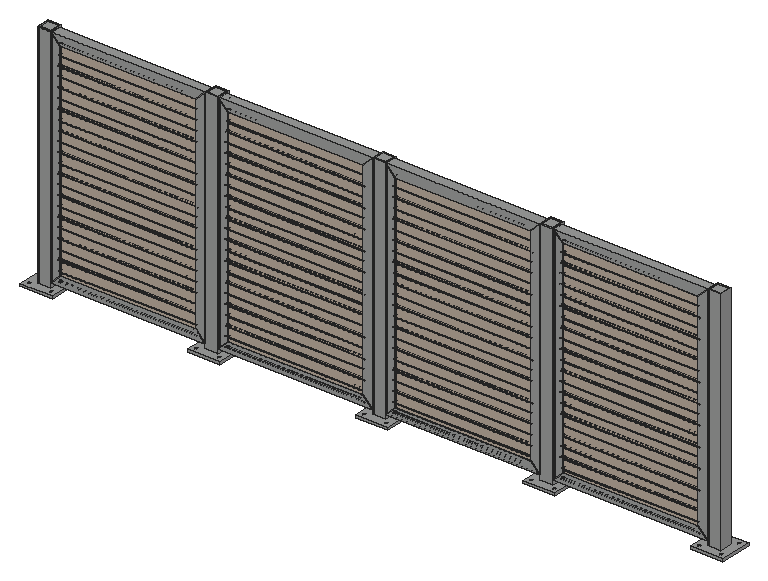
Revit family "Augustus-Vinyl-Array", category Specialty Equipment, Revit 2026 (continued)
Definition of nested family "(Do_Not_Use-Nested)-Flat_Bar_Infill Retainer-Augustus-Aluminum"
  Forms (in)
    Sweep 2, solid, material <- "Material"
      path origin (0, 0, 0) x (0, 1, 0) y (0, 0, 1)
        loop
          line (0, -0.72445) -> (0, 52.86713)
      profile "Profile-Palmshield-Flat Bar Infill Retainer : 2" x 1/4"" origin (0, 0, 26.07134) x (0, -1, 0) y (1, 0, 0)
        loop
          line (-0.25, -1) -> (0, -1) -> (0, 1) -> (-0.25, 1) -> (-0.25, -1)
    Extrusion 3, void
      sketch origin (0, 0, 0) x (1, 0, 0) y (0, 0, 1)
        loop
          line (1, 0) -> (-20.33743, 0) -> (-20.33743, -5) -> (1, -5) -> (1, 0)
      from -4.89794 to 5.53781
    Extrusion 4, void
      sketch origin (0, 0, 0) x (-1, 0, 0) y (0, 0, -1)
        loop
          line (1, 0) -> (1, 5) -> (-20.33743, 5) -> (-20.33743, -9.9498) -> (1, 0)
      from -9.92538 to 12
  Cuts and joins
    Extrusion 3, Extrusion 4 cuts Sweep 2
  Dimensions and locks (in)
    "Length": plane 4 to plane 2
    equal spacing: plane 5, plane 3 "Center (Left/Right)", plane 6
    "Width": plane 5 to plane 6
    locked: Extrusion 1 to Sweep 2 sketch curve at 0.72445
    "C Angle A": angle Extrusion 3 sketch curve to plane 2
    "C Angle B": angle plane 2 to Extrusion 4 sketch curve
    aligned and locked: plane 2 to Extrusion 1
    aligned and locked: level to Extrusion 1
    aligned and locked: plane 1 "Center (Front/Back)" to Sweep 2 sketch curve
    aligned and locked: plane 4 to Sweep 2 sketch curve
    aligned and locked: plane 5 to Extrusion 3 sketch curve
    aligned and locked: plane 2 to Extrusion 3 sketch curve
    aligned and locked: plane 6 to Extrusion 4 sketch curve
    aligned and locked: plane 2 to Extrusion 4 sketch curve
  Automatic sketch dimensions
    Extrusion 1 sketch curve to Extrusion 1 sketch curve = 8' - 0"  (x2)
    Extrusion 3 sketch curve to level = 0' - 5"
    Extrusion 3 sketch curve to plane 6 = 1' - 7.33743"
    level to Extrusion 4 sketch curve = 0' - 5"
    Extrusion 4 sketch curve to plane 5 = 1' - 7.33743"
Definition of nested family "Nested-Screening-Louver-Assembly-Post-Palmshield-Augustus-Composite"
  Parameters (values of type "10" x 10" x 3/4"")
    Width = 0' - 10"  # constant formula
    Warranty URL = "https://palmshieldlouvers.com/wp-content/uploads/2020/01/PalmSHIELD-Warranty-NO-SIGN-LINE.pdf"
    Version = "2020 - v1.0a"  # constant formula
    URL = "https://palmshieldlouvers.com/"
    Thickness = 0' - 0 3/4"  # constant formula
    Product Page URL = "Contact Manufacturer for More Information"
    Product Documentation Link = "Contact Manufacturer for More Information"
    Model = "Augustus"  # constant formula
    Material [instance] = none
    Manufacturer Phone Number = "531-329-4406 "  # constant formula
    Manufacturer Fax Number = "Consult Manufacturer Website for More Information"  # constant formula
    Manufacturer Email = "mailto: info@palmshieldlouvers.com"
    Manufacturer Address = "12330 Cary Circle, La Vista, NE 68128"  # constant formula
    Manufacturer = "PalmSHIELD"  # constant formula
    Keynote = "05 10 00"
    ID [instance] = ""
    Hole Diameter = 0' - 0 3/4"  # constant formula
    Description = "Augustus - Aluminum - Base Plate"  # constant formula
    Default Elevation = 4' - 0"
    Copyright = "©2023 The American Fence Company and PalmSHIELD. All Rights Reserved."  # constant formula
    Component Name [instance] = "Augustus - Aluminum - Base Plate"  # constant formula
    C Hole Offset = 0' - 1 1/2"  # constant formula
    Assembly Code = "F1020100"
Definition of nested family "Nested-Screening-Louver-Assembly-Panel-Palmshield-Augustus-Vinyl"
  Parameters (values of type "6" TONGUE AND GROOVE INFILL SLATS")
    Width = 0' - 6"  # constant formula
    Warranty URL = "https://palmshieldlouvers.com/wp-content/uploads/2020/01/PalmSHIELD-Warranty-NO-SIGN-LINE.pdf"
    Version = "2020 - v1.0a"  # constant formula
    URL = "https://palmshieldlouvers.com/"
    Thickness = 0' - 1"  # constant formula
    Product Page URL = "https://palmshieldlouvers.com/products/semi-private-screening/"
    Product Documentation Link = "Contact Manufacturer for More Information"
    Model = "Augustus - Vinyl"  # constant formula
    Material [instance] = none
    Manufacturer Phone Number = "531-329-4406 "  # constant formula
    Manufacturer Fax Number = "Consult Manufacturer Website for More Information"  # constant formula
    Manufacturer Email = "mailto: info@palmshieldlouvers.com"
    Manufacturer Address = "12330 Cary Circle, La Vista, NE 68128"  # constant formula
    Manufacturer = "PalmSHIELD"  # constant formula
    Length [instance] = 4' - 4.86713"
    Keynote = "05 10 00"
    ID [instance] = ""
    Description = "Augustus - Vinyl - Infill Slat"  # constant formula
    Default Elevation = 4' - 0"
    Copyright = "©2023 The American Fence Company and PalmSHIELD. All Rights Reserved."  # constant formula
    Component Name [instance] = "Augustus - Vinyl - Infill Slat"  # constant formula
    Assembly Code = "F1020100"
